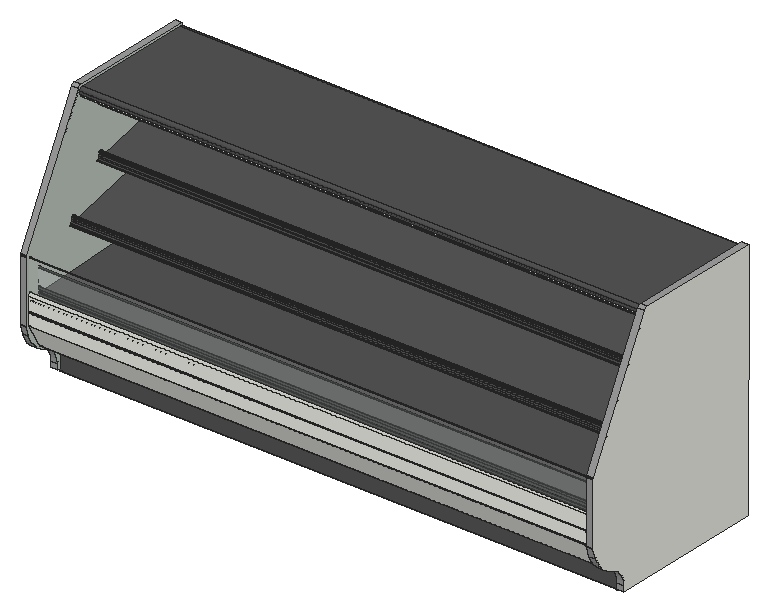
Revit family "CR3FO_2014", category Specialty Equipment, Revit 2014
Parameters (values of type "8'-0" Length")
  Width = 96"
  Waste Drain = 1 1/2"  # constant formula
  URL = "www.hussmann.com"
  Type Comments = "Chino"  # constant formula
  Trim = Stainless Steel
  Total Weight = Case Weight + (2 * End Weight)  # 0.00 lbf
  Splashguard = Textured Sheet Metal (Steel Painted) - 701 Black
  Side Panel - Right [instance] = yes
  Side Panel - Left [instance] = yes
  Shelves = Sheet Metal (Steel Painted) - 701 Black
  Shelf = yes
  Revit Family Date = "04/15/2016"  # constant formula
  Refrigeration Lines Suction = 5/8"  # constant formula
  Refrigeration Lines Liquid = 3/8"  # constant formula
  Refrig. Suction = "Suction"
  Refrig. Liquid = "Liquid"
  Number of Supports = if(Width < 50", 2, if(Width < 100", 3, 4))  # 3
  Number of Shelves = 2  # constant formula
  Note from Manufacturer = "This model only comes in 3'-0\", 4'-0\", 5'-0\", 6'-0\" and 8'-0\" lengths."
  Model URL = "http://www.hussmann.com/en/product%20viewer/display-cases/CR3FO"
  Model = "CR3FO"  # constant formula
  Manufacturer Disclaimer = "The information in this file is not intended to be an exact representation of the corresponding Hussmann product.  Further, we reserve the right to change or revise specifications and product design in connection with any feature of our products. Such changes do not entitle the buyer to corresponding changes, improvements, additions, or replacements for equipment previously sold or shipped."  # constant formula
  Manufacturer = "Hussmann Corporation"  # constant formula
  Height = 42"  # constant formula
  Glazing = Glass
  Ends = Textured Sheet Metal (Steel Painted) - 149 White Satin Matte
  End Weight = 0.00 lbf  # constant formula
  Door Frame = Plastic - 144 Mist Gray
  Description = "Versatile Service Top and Self-Service Front Deli"  # constant formula
  Depth = 33"  # constant formula
  Cutsheet URL = "http://www.hussmann.com/en/Technical%20Documents/CR3FO_ds_En.pdf"
  Close Off Panel = none
  Case Weight = if(Width = 36", 0.00 lbf, if(Width = 48", 0.00 lbf, if(Width = 60", 0.00 lbf, if(Width = 72", 0.00 lbf, if(Width = 96", 0.00 lbf, 0.00 lbf)))))  # 0.00 lbf
  Case Interior - Side Panel = Mirror
  Case Interior - Back Panel = Sheet Metal (Steel Painted) - 700 Interior White
  Case = Textured Sheet Metal (Steel Painted) - 149 White Satin Matte
  Bumper = Extruded PVC - 747 Chocolate Brown
  Assembly Code = ""
  Accessories/Options = ""
Types (6): name | Width | Number of Supports
  (no name) | 96" | 3
  3'-0" Length | 36" | 2
  4'-0" Length | 48" | 2
  5'-0" Length | 60" | 3
  6'-0" Length | 72" | 3
  8'-0" Length | 96" | 3
Reference planes (in)
  plane 1 "Back": y = 0
  plane 2 "Bottom": z = 0
  plane 3 "Top": z = 42
  plane 4 "Left": x = -77.30699
  plane 5 "Front": y = -33
  plane 6 "Center (Left/Right)": x = -29.30699
  plane 7: x = -78.43199
  plane 8 "Right": x = 18.69301
  plane 9: x = 19.81801
Forms (in)
  Extrusion 1, solid, material "Metal - Copper"
    sketch origin (63.0625, 1.04319, 0) x (1, 0, 0) y (0, 1, 0)
      loop
        arc (-50.24449, -22.45119) -> (-50.77482, -22.67086) -> (-50.99449, -23.20119) r 0.75
        arc (-50.99449, -23.20119) -> (-50.77482, -23.73152) -> (-50.24449, -23.95119) r 0.75
        arc (-50.24449, -23.95119) -> (-49.71416, -23.73152) -> (-49.49449, -23.20119) r 0.75
        arc (-49.49449, -23.20119) -> (-49.71416, -22.67086) -> (-50.24449, -22.45119) r 0.75
      loop
        circle (-50.24449, -23.20119) r 0.7102
    from 6 to 0
  Extrusion 2, solid, material "Metal - Copper"
    sketch origin (57.40105, 5, -0.375) x (1, 0, 0) y (0, 1, 0)
      loop
        circle (-51.02054, -23) r 0.28859
      loop
        circle (-51.02054, -23) r 0.3125
    from 6.375 to 0.375
  Extrusion 3, solid, material "Metal - Copper"
    sketch origin (59.82608, 5, -0.375) x (1, 0, 0) y (0, 1, 0)
      loop
        circle (-52.94557, -23) r 0.17188
      loop
        circle (-52.94557, -23) r 0.1875
    from 6.375 to 0.375
  Extrusion 4, solid, material "Sheet Metal (Steel Painted) - 701 Black" <- "Shelves"
    sketch origin (-29.30699, 0, 0) x (0, 1, 0) y (0, 0, 1)
      loop
        arc (-21.564, 41.9961) -> (-21.91755, 41.84965) -> (-22.064, 41.4961) r 0.5
        line (-22.064, 41.4961) -> (-22.064, 40.9966) -> (0, 40.9966) -> (0, 41.4961)
        arc (0, 41.4961) -> (-0.14645, 41.84965) -> (-0.5, 41.9961) r 0.5
        line (-0.5, 41.9961) -> (-21.564, 41.9961)
    from 48 to -48
  Extrusion 5, solid, material "Textured Sheet Metal (Steel Painted) - 149 White Satin Matte" <- "Case"
    sketch origin (-29.30699, 0, 0) x (0, 1, 0) y (0, 0, 1)
      loop
        line (-21.80486, 40.5656) -> (-19.82992, 40.5656) -> (-19.82992, 39.80025)
        arc (-19.82992, 39.80025) -> (-19.79149, 39.74092) -> (-19.72162, 39.75172) r 0.06502
        line (-19.72162, 39.75172) -> (-20.00854, 39.37578)
        arc (-20.00854, 39.37578) -> (-20.02129, 39.32769) -> (-19.9963, 39.28467) r 0.065
        line (-19.9963, 39.28467) -> (-19.81532, 39.14655) -> (-19.79131, 39.17801) -> (-17.94839, 37.77155) -> (-17.99086, 37.7159) -> (-17.78175, 37.55631)
        arc (-17.78175, 37.55631) -> (-17.73366, 37.54356) -> (-17.69064, 37.56855) r 0.065
        line (-17.69064, 37.56855) -> (-17.12036, 38.3158)
        arc (-17.12036, 38.3158) -> (-17.10761, 38.36388) -> (-17.1326, 38.4069) r 0.065
        line (-17.1326, 38.4069) -> (-17.31922, 38.54933)
        arc (-17.31922, 38.54933) -> (-17.33076, 38.56918) -> (-17.32487, 38.59138) r 0.03
        line (-17.32487, 38.59138) -> (-17.17764, 38.7843) -> (-5.75945, 38.7843) -> (-4.76179, 37.78664) -> (-4.76179, 32.54744) -> (-4.86323, 32.01517)
        arc (-4.86323, 32.01517) -> (-4.82752, 31.97946) -> (-4.79181, 32.01517) r 0.03571
        line (-4.79181, 32.01517) -> (-4.75648, 32.20053) -> (-4.79102, 32.20711) -> (-4.72688, 32.54367) -> (-4.72688, 11.09824) -> (-28.38902, 11.09824)
        arc (-28.38902, 11.09824) -> (-28.44335, 10.95891) -> (-28.56262, 11.04912) r 0.09375
        line (-28.56262, 11.04912) -> (-28.71887, 11.04912) -> (-28.71887, 12.85548) -> (-28.59184, 12.85548) -> (-28.59184, 12.39142) -> (-28.66219, 12.12888) -> (-28.6023, 12.11283) -> (-28.52984, 12.38326) -> (-28.52984, 12.60499) -> (-28.46784, 12.60499) -> (-28.46784, 12.94999)
        arc (-28.46784, 12.94999) -> (-28.49478, 13.01504) -> (-28.55984, 13.04199) r 0.092
        line (-28.55984, 13.04199) -> (-28.87484, 13.04199)
        arc (-28.87484, 13.04199) -> (-28.89605, 13.05077) -> (-28.90484, 13.07199) r 0.03
        line (-28.90484, 13.07199) -> (-28.90484, 13.63839)
        arc (-28.90484, 13.63839) -> (-28.93178, 13.70345) -> (-28.99684, 13.73039) r 0.092
        line (-28.99684, 13.73039) -> (-29.93884, 13.73039)
        arc (-29.93884, 13.73039) -> (-30.00389, 13.70345) -> (-30.03084, 13.63839) r 0.092
        line (-30.03084, 13.63839) -> (-30.03084, 13.07199)
        arc (-30.03084, 13.07199) -> (-30.03962, 13.05077) -> (-30.06084, 13.04199) r 0.03
        line (-30.06084, 13.04199) -> (-30.46784, 13.04199) -> (-30.46784, 12.97999) -> (-31.71034, 12.97999) -> (-32.47215, 13.7418) -> (-32.47215, 14.41421) -> (-32.51191, 14.86869) -> (-32.57368, 14.86329) -> (-32.53415, 14.4088) -> (-32.53415, 13.75422)
        arc (-32.53415, 13.75422) -> (-32.52715, 13.71901) -> (-32.50721, 13.68916) r 0.09201
        line (-32.50721, 13.68916) -> (-31.73602, 12.91798) -> (-32.42925, 12.91798)
        arc (-32.42925, 12.91798) -> (-32.48582, 12.89455) -> (-32.50925, 12.83798) r 0.08
        line (-32.50925, 12.83798) -> (-32.50925, 12.31152)
        arc (-32.50925, 12.31152) -> (-32.51803, 12.2903) -> (-32.53925, 12.28152) r 0.03
        line (-32.53925, 12.28152) -> (-32.84775, 12.28152)
        arc (-32.84775, 12.28152) -> (-32.89159, 12.29968) -> (-32.90976, 12.34353) r 0.06201
        line (-32.90976, 12.34353) -> (-32.90952, 14.78692) -> (-32.86657, 15.27785) -> (-32.92834, 15.28325) -> (-32.97176, 14.78693) -> (-32.97176, 12.34353)
        arc (-32.97176, 12.34353) -> (-32.93544, 12.25583) -> (-32.84775, 12.21951) r 0.12402
        line (-32.84775, 12.21951) -> (-32.88129, 12.21951)
        arc (-32.88129, 12.21951) -> (-32.94635, 12.19256) -> (-32.9733, 12.1275) r 0.09201
        line (-32.9733, 12.1275) -> (-32.9733, 10.13554)
        arc (-32.9733, 10.13554) -> (-32.97017, 10.11173) -> (-32.96098, 10.08954) r 0.09201
        line (-32.96098, 10.08954) -> (-30.59064, 5.984)
        arc (-30.59064, 5.984) -> (-30.55696, 5.95032) -> (-30.51096, 5.93799) r 0.09201
        line (-30.51096, 5.93799) -> (-26.28124, 5.93799) -> (-25.91314, 5.30042) -> (-25.85944, 5.33142) -> (-26.24544, 6) -> (-2.97999, 6) -> (-2.97999, 7.5) -> (-1.451, 7.5) -> (-1.451, 40.5656) -> (-0.2591, 40.5656) -> (-0.2591, 40.9966) -> (-21.80486, 40.9966) -> (-21.80486, 40.5656)
    from 48 to -48
  Extrusion 6, solid, material "Sheet Metal (Steel Painted) - 701 Black" <- "Shelves"
    sketch origin (-29.30699, 0, 0) x (0, 1, 0) y (0, 0, 1)
      loop
        line (-30.69377, 13.80157) -> (-4.78141, 14.86072)
        arc (-4.78141, 14.86072) -> (-4.73557, 14.88194) -> (-4.71816, 14.92936) r 0.066
        line (-4.71816, 14.92936) -> (-4.73319, 15.29705)
        arc (-4.73319, 15.29705) -> (-4.75441, 15.34289) -> (-4.80183, 15.3603) r 0.066
        line (-4.80183, 15.3603) -> (-30.74417, 14.29993) -> (-30.78501, 15.29909)
        arc (-30.78501, 15.29909) -> (-30.85365, 15.36234) -> (-30.9169, 15.2937) r 0.066
        line (-30.9169, 15.2937) -> (-30.90289, 14.95099) -> (-30.86692, 14.95246) -> (-30.88093, 15.29517)
        arc (-30.88093, 15.29517) -> (-30.85218, 15.32637) -> (-30.82098, 15.29762) r 0.03
        line (-30.82098, 15.29762) -> (-30.78136, 14.32843)
        arc (-30.78136, 14.32843) -> (-30.76014, 14.28259) -> (-30.71272, 14.26518) r 0.066
        line (-30.71272, 14.26518) -> (-30.69377, 13.80157)
    from 48 to -48
  Extrusion 7, solid, material "Glass" <- "Glazing"
    sketch origin (-29.30699, 0, 0) x (0, 1, 0) y (0, 0, 1)
      loop
        line (-30.74417, 14.29993) -> (-30.49438, 14.31014) -> (-30.65263, 18.1819)
        arc (-30.65263, 18.1819) -> (-30.78263, 18.30169) -> (-30.90242, 18.17169) r 0.125
        line (-30.90242, 18.17169) -> (-30.74417, 14.29993)
    from 48 to -48
  Extrusion 8, solid, material "Glass" <- "Glazing"
    sketch origin (-29.30699, 0, 0) x (0, 1, 0) y (0, 0, 1)
      loop
        line (-32.53415, 20.46902) -> (-32.59665, 20.53152) -> (-32.84665, 20.53152) -> (-32.90915, 20.46902) -> (-32.90915, 12.34402) -> (-32.84665, 12.28152) -> (-32.59665, 12.28152) -> (-32.53415, 12.34402) -> (-32.53415, 20.46902)
    from 48 to -48
  Extrusion 9, solid, material "Sheet Metal (Steel Painted) - 701 Black" <- "Shelves", visible <- "Shelf"
    sketch origin (-29.30699, 5.84622, 7.34971) x (0, 1, 0) y (0, 0, 1)
      loop
        line (-10.5731, 22.36686) -> (-10.5731, 22.74413) -> (-10.87269, 22.66944) -> (-11.03614, 23.27945) -> (-10.85508, 23.32796) -> (-10.80907, 23.15644) -> (-10.67388, 23.19015) -> (-10.6542, 23.42875) -> (-10.72256, 23.70293) -> (-11.12287, 23.60312) -> (-11.29613, 24.24973) -> (-11.05352, 24.31022) -> (-10.98962, 24.07177) -> (-10.6141, 24.3503) -> (-10.5731, 24.3503) -> (-10.5731, 24.66326) -> (-11.13824, 24.67238) -> (-11.43899, 24.60294) -> (-11.46239, 24.70428) -> (-23.15483, 22.00487)
        arc (-23.15483, 22.00487) -> (-23.17747, 22.00866) -> (-23.19081, 22.02735) r 0.03
        line (-23.19081, 22.02735) -> (-23.40901, 22.97249)
        arc (-23.40901, 22.97249) -> (-23.49679, 23.05221) -> (-23.60219, 22.99788) r 0.104
        arc (-23.60219, 22.99788) -> (-23.69708, 22.99286) -> (-23.75858, 22.92042) r 0.12
        arc (-23.75858, 22.92042) -> (-23.76689, 22.90007) -> (-23.76833, 22.87814) r 0.06854
        arc (-23.76833, 22.87814) -> (-23.75163, 22.8603) -> (-23.73014, 22.87192) r 0.02
        arc (-23.73014, 22.87192) -> (-23.70392, 22.91674) -> (-23.66846, 22.95468) r 0.234
        arc (-23.66846, 22.95468) -> (-23.68421, 22.86093) -> (-23.70573, 22.76832) r 1.53724
        arc (-23.70573, 22.76832) -> (-23.7519, 22.65108) -> (-23.80752, 22.53802) r 1.53724
        arc (-23.80752, 22.53802) -> (-23.82464, 22.41318) -> (-23.85192, 22.29017) r 1.53724
        arc (-23.85192, 22.29017) -> (-23.89809, 22.17293) -> (-23.9537, 22.05987) r 1.53724
        arc (-23.9537, 22.05987) -> (-23.97082, 21.93503) -> (-23.99811, 21.81202) r 1.53724
        arc (-23.99811, 21.81202) -> (-24.03205, 21.72321) -> (-24.07141, 21.63668) r 1.53724
        arc (-24.07141, 21.63668) -> (-24.0796, 21.68796) -> (-24.07627, 21.73978) r 0.234
        arc (-24.07627, 21.73978) -> (-24.08759, 21.76143) -> (-24.11141, 21.75598) r 0.02
        arc (-24.11141, 21.75598) -> (-24.12247, 21.73699) -> (-24.12696, 21.71547) r 0.06854
        arc (-24.12696, 21.71547) -> (-24.11658, 21.62118) -> (-24.04098, 21.56389) r 0.12
        arc (-24.04098, 21.56389) -> (-23.98814, 21.56537) -> (-23.94022, 21.58768) r 0.13057
        arc (-23.94022, 21.58768) -> (-23.9372, 21.60473) -> (-23.9488, 21.61759) r 0.01973
        line (-23.9488, 21.61759) -> (-23.53903, 22.95786)
        arc (-23.53903, 22.95786) -> (-23.5093, 22.97907) -> (-23.48111, 22.95584) r 0.03
        line (-23.48111, 22.95584) -> (-23.26291, 22.0107)
        arc (-23.26291, 22.0107) -> (-23.21669, 21.9459) -> (-23.13818, 21.93276) r 0.104
        line (-23.13818, 21.93276) -> (-23.0752, 21.65994) -> (-20.57713, 21.56171) -> (-13.20938, 23.26269) -> (-11.15032, 21.97605) -> (-10.66314, 22.08852) -> (-10.6241, 22.22465) -> (-10.6545, 22.34657) -> (-10.5731, 22.36686)
    from 48 to -48
  Extrusion 10, solid, material "Sheet Metal (Steel Painted) - 701 Black" <- "Shelves", visible <- "Shelf"
    sketch origin (-29.30699, 0, 0) x (0, 1, 0) y (0, 0, 1)
      loop
        line (-4.72688, 23.71657) -> (-4.72688, 24.09384) -> (-5.02647, 24.01914) -> (-5.18992, 24.62915) -> (-5.00886, 24.67767) -> (-4.96285, 24.50615) -> (-4.82766, 24.53985) -> (-4.80798, 24.77845) -> (-4.87634, 25.05263) -> (-5.27665, 24.95282) -> (-5.44991, 25.59944) -> (-5.2073, 25.65993) -> (-5.1434, 25.42147) -> (-4.76788, 25.70001) -> (-4.72688, 25.70001) -> (-4.72688, 26.01297) -> (-5.29202, 26.02209) -> (-5.59277, 25.95265) -> (-5.61617, 26.05399) -> (-23.15483, 22.00487)
        arc (-23.15483, 22.00487) -> (-23.17747, 22.00866) -> (-23.19081, 22.02735) r 0.03
        line (-23.19081, 22.02735) -> (-23.40901, 22.97249)
        arc (-23.40901, 22.97249) -> (-23.49679, 23.05221) -> (-23.60219, 22.99788) r 0.104
        arc (-23.60219, 22.99788) -> (-23.69708, 22.99286) -> (-23.75858, 22.92042) r 0.12
        arc (-23.75858, 22.92042) -> (-23.76689, 22.90007) -> (-23.76833, 22.87814) r 0.06854
        arc (-23.76833, 22.87814) -> (-23.75163, 22.8603) -> (-23.73014, 22.87192) r 0.02
        arc (-23.73014, 22.87192) -> (-23.70392, 22.91674) -> (-23.66846, 22.95468) r 0.234
        arc (-23.66846, 22.95468) -> (-23.68421, 22.86093) -> (-23.70573, 22.76832) r 1.53724
        arc (-23.70573, 22.76832) -> (-23.7519, 22.65108) -> (-23.80752, 22.53802) r 1.53724
        arc (-23.80752, 22.53802) -> (-23.82464, 22.41318) -> (-23.85192, 22.29017) r 1.53724
        arc (-23.85192, 22.29017) -> (-23.89809, 22.17293) -> (-23.9537, 22.05987) r 1.53724
        arc (-23.9537, 22.05987) -> (-23.97082, 21.93503) -> (-23.99811, 21.81202) r 1.53724
        arc (-23.99811, 21.81202) -> (-24.03205, 21.72321) -> (-24.07141, 21.63668) r 1.53724
        arc (-24.07141, 21.63668) -> (-24.0796, 21.68796) -> (-24.07627, 21.73978) r 0.234
        arc (-24.07627, 21.73978) -> (-24.08759, 21.76143) -> (-24.11141, 21.75598) r 0.02
        arc (-24.11141, 21.75598) -> (-24.12247, 21.73699) -> (-24.12696, 21.71547) r 0.06854
        arc (-24.12696, 21.71547) -> (-24.11658, 21.62118) -> (-24.04098, 21.56389) r 0.12
        arc (-24.04098, 21.56389) -> (-23.98814, 21.56537) -> (-23.94022, 21.58768) r 0.13057
        arc (-23.94022, 21.58768) -> (-23.9372, 21.60473) -> (-23.9488, 21.61759) r 0.01973
        line (-23.9488, 21.61759) -> (-23.53903, 22.95786)
        arc (-23.53903, 22.95786) -> (-23.5093, 22.97907) -> (-23.48111, 22.95584) r 0.03
        line (-23.48111, 22.95584) -> (-23.26291, 22.0107)
        arc (-23.26291, 22.0107) -> (-23.21669, 21.9459) -> (-23.13818, 21.93276) r 0.104
        line (-23.13818, 21.93276) -> (-23.0752, 21.65994) -> (-20.57713, 21.56171) -> (-7.36316, 24.6124) -> (-5.3041, 23.32575) -> (-4.81692, 23.43823) -> (-4.77788, 23.57436) -> (-4.80828, 23.69627) -> (-4.72688, 23.71657)
    from 48 to -48
  Extrusion 11, solid, material "Textured Sheet Metal (Steel Painted) - 701 Black" <- "Splashguard"
    sketch origin (-29.30699, 0, 0) x (0, 1, 0) y (0, 0, 1)
      loop
        arc (-26.29611, 0.32736) -> (-26.27819, 0.2841) -> (-26.23493, 0.26618) r 0.06118
        line (-26.23493, 0.26618) -> (-25.79611, 0.26618) -> (-25.79611, 0.29736) -> (-25.88993, 0.29736) -> (-25.88993, 5.26021) -> (-26.18194, 5.766)
        arc (-26.18194, 5.766) -> (-26.25076, 5.79451) -> (-26.29611, 5.73541) r 0.06118
        line (-26.29611, 5.73541) -> (-26.29611, 0.32736)
    from 48 to -48
  Extrusion 12, solid, material "Textured Sheet Metal (Steel Painted) - 149 White Satin Matte" <- "Ends", visible <- "Side Panel - Right"
    sketch origin (18.69301, 0, 0) x (0, 0, 1) y (0, -1, 0)
      loop
        line (9.99471, 33.2484) -> (8.32118, 32.73675)
        arc (8.32118, 32.73675) -> (6.63964, 31.82375) -> (5.44851, 30.32629) r 4.7987
        line (5.44851, 30.32629) -> (4.79395, 28.85612)
        arc (4.79395, 28.85612) -> (3.50511, 27.32068) -> (1.59824, 26.70219) r 3.63424
        line (1.59824, 26.70219) -> (0.64192, 26.70219) -> (0.64192, 0.0091) -> (42.2461, 0.0091) -> (42.2461, 21.564)
        arc (42.2461, 21.564) -> (42.13781, 21.9522) -> (41.84423, 22.22831) r 0.75
        line (41.84423, 22.22831) -> (20.95635, 33.1746)
        arc (20.95635, 33.1746) -> (20.88563, 33.20497) -> (20.81109, 33.22413) r 0.5
        line (20.81109, 33.22413) -> (20.70312, 33.24317)
        arc (20.70312, 33.24317) -> (20.68075, 33.24659) -> (20.65826, 33.249) r 0.5
        arc (20.65826, 33.249) -> (15.36298, 33.4743) -> (10.06725, 33.25977) r 63.86657
        arc (10.06725, 33.25977) -> (10.03077, 33.25542) -> (9.99471, 33.2484) r 0.5
    from 0 to 1.125
  Extrusion 13, solid, material "Textured Sheet Metal (Steel Painted) - 149 White Satin Matte" <- "Ends", visible <- "Side Panel - Left"
    sketch origin (18.69301, 0, 0) x (0, 0, 1) y (0, -1, 0)
      loop
        line (9.99471, 33.2484) -> (8.32118, 32.73675)
        arc (8.32118, 32.73675) -> (6.63964, 31.82375) -> (5.44851, 30.32629) r 4.7987
        line (5.44851, 30.32629) -> (4.79395, 28.85612)
        arc (4.79395, 28.85612) -> (3.50511, 27.32068) -> (1.59824, 26.70219) r 3.63424
        line (1.59824, 26.70219) -> (0.64192, 26.70219) -> (0.64192, 0.0091) -> (42.2461, 0.0091) -> (42.2461, 21.564)
        arc (42.2461, 21.564) -> (42.13781, 21.9522) -> (41.84423, 22.22831) r 0.75
        line (41.84423, 22.22831) -> (20.95635, 33.1746)
        arc (20.95635, 33.1746) -> (20.88563, 33.20497) -> (20.81109, 33.22413) r 0.5
        line (20.81109, 33.22413) -> (20.70312, 33.24317)
        arc (20.70312, 33.24317) -> (20.68075, 33.24659) -> (20.65826, 33.249) r 0.5
        arc (20.65826, 33.249) -> (15.36298, 33.4743) -> (10.06725, 33.25977) r 63.86657
        arc (10.06725, 33.25977) -> (10.03077, 33.25542) -> (9.99471, 33.2484) r 0.5
    from -97.125 to -96
Lines and regions (in)
  reference lines
    curve 1: line (-74.80699, -33, 0) -> (-74.80699, 0, 0)
    curve 2: line (12.81801, -33, 0) -> (12.81801, 0, 0)
    curve 3: line (16.19301, -33, 0) -> (16.19301, 0, 0)
    curve 4: line (6.69301, -33, 0) -> (6.69301, 0, 0)
    curve 5: line (-77.30699, -22.158, 0) -> (18.69301, -22.158, 0)
    curve 6: line (18.69301, -18, 0) -> (-77.30699, -18, 0)
Dimensions and locks (in)
  equal spacing: plane 4 "Left", plane 6 "Center (Left/Right)", plane 8 "Right"
  locked: plane 7 to plane 4 "Left" at 1.125
  "Width": plane 4 "Left" to plane 8 "Right"
  locked: plane 4 "Left" to curve 1 at 2.5
  locked: curve 3 to plane 8 "Right" at 2.5
  locked: curve 2 to plane 8 "Right" at 5.875
  "Depth": plane 5 "Front" to plane 1 "Back"
  locked: curve 4 to plane 8 "Right" at 12
  "Height": plane 3 "Top" to level
  locked: plane 1 "Back" to curve 5 at 22.158
  plane 1 "Back" to curve 6 = 18"
  locked: plane 8 "Right" to plane 9 at 1.125
  locked: Extrusion 1 sketch curve to Extrusion 1 sketch curve at 0.0398
  locked: Extrusion 3 sketch curve to Extrusion 3 sketch curve at 0.01562
  locked: Extrusion 2 sketch curve to Extrusion 2 sketch curve at 0.02391
  locked: nested 3 to plane 1 "Back" at 6.47307
  equal spacing: group 1, group 3, group 2  (x3)
  "Waste Drain": diameter of Extrusion 1 sketch curve
  "Refrigeration Lines Liquid": diameter of Extrusion 3 sketch curve
  "Refrigeration Lines Suction": diameter of Extrusion 2 sketch curve
  aligned and locked: plane 5 "Front" to curve 2
  aligned and locked: plane 5 "Front" to curve 3
  aligned and locked: plane 5 "Front" to curve 1
  aligned and locked: plane 4 "Left" to curve 5
  aligned and locked: plane 4 "Left" to curve 6
  aligned and locked: plane 8 "Right" to curve 6
  aligned and locked: plane 8 "Right" to curve 5
  aligned and locked: Extrusion 2 to level
  aligned and locked: Extrusion 3 to level
  aligned and locked: curve 6 to Extrusion 3 sketch curve  (x4)
  aligned and locked: curve 6 to Extrusion 2 sketch curve  (x4)
  aligned and locked: curve 5 to Extrusion 1 sketch curve  (x3)
  aligned and locked: curve 2 to Extrusion 1 sketch curve
  aligned and locked: curve 4 to Extrusion 3 sketch curve
  aligned and locked: curve 4 to Extrusion 2 sketch curve
  aligned and locked: Extrusion 1 to level
  aligned and locked: Extrusion 1 to Extrusion 2
  aligned and locked: Extrusion 4 to plane 4 "Left"
  aligned and locked: plane 8 "Right" to Extrusion 4
  aligned and locked: Extrusion 7 to plane 4 "Left"
  aligned and locked: plane 8 "Right" to Extrusion 7
  aligned and locked: Extrusion 6 to plane 4 "Left"
  aligned and locked: plane 8 "Right" to Extrusion 6
  aligned and locked: Extrusion 5 to plane 4 "Left"
  aligned and locked: plane 8 "Right" to Extrusion 5
  aligned and locked: Extrusion 8 to plane 4 "Left"
  aligned and locked: plane 8 "Right" to Extrusion 8
  aligned and locked: Extrusion 1 to Extrusion 5
  aligned and locked: Extrusion 3 to Extrusion 5
  aligned and locked: Extrusion 9 to plane 4 "Left"
  aligned and locked: plane 8 "Right" to Extrusion 9
  aligned and locked: Extrusion 10 to plane 4 "Left"
  aligned and locked: plane 8 "Right" to Extrusion 10
  aligned and locked: Extrusion 11 to plane 4 "Left"
  aligned and locked: plane 8 "Right" to Extrusion 11
  aligned and locked: plane 4 "Left" to nested 1
  aligned and locked: plane 4 "Left" to nested 2
  aligned and locked: curve 1 to nested 3
  aligned and locked: curve 3 to nested 4
  aligned and locked: nested 4 to nested 3
  aligned and locked: Extrusion 12 to plane 8 "Right"
  aligned and locked: plane 9 to Extrusion 12
  aligned and locked: plane 7 to Extrusion 13
  aligned and locked: plane 4 "Left" to Extrusion 13
Automatic sketch dimensions
  curve 4 to plane 5 "Front" = 0"
  plane 1 "Back" to curve 2 = 0"
  plane 1 "Back" to curve 1 = 0"
  plane 1 "Back" to curve 3 = 0"
  plane 1 "Back" to curve 4 = 0"
  Extrusion 4 sketch curve to plane 1 "Back" = 0"
  Extrusion 4 sketch curve to Extrusion 4 sketch curve = 1/2"  (x2)
  plane 3 "Top" to Extrusion 4 sketch curve = 1/256"
  plane 5 "Front" to Extrusion 4 sketch curve = 11.436"
  Extrusion 4 sketch curve to Extrusion 4 sketch curve = 0.4995"
  Extrusion 5 sketch curve to Extrusion 5 sketch curve = 0"  (x4)
  plane 5 "Front" to Extrusion 5 sketch curve = 0.0267"
  plane 5 "Front" to Extrusion 5 sketch curve = 0.02824"
  plane 5 "Front" to Extrusion 5 sketch curve = 0.03902"
  plane 5 "Front" to Extrusion 5 sketch curve = 0.07166"
  Extrusion 5 sketch curve to Extrusion 5 sketch curve = 0.06201"  (x5)
  Extrusion 5 sketch curve to Extrusion 5 sketch curve = 0.06224"
  Extrusion 5 sketch curve to Extrusion 5 sketch curve = 0.09201"  (x2)
  Extrusion 5 sketch curve to Extrusion 5 sketch curve = 0.06177"  (x2)
  Extrusion 5 sketch curve to Extrusion 5 sketch curve = 0.33584"
  Extrusion 5 sketch curve to Extrusion 5 sketch curve = 0.3085"
  Extrusion 5 sketch curve to Extrusion 5 sketch curve = 0.03953"
  Extrusion 5 sketch curve to Extrusion 5 sketch curve = 0.03"  (x4)
  Extrusion 5 sketch curve to Extrusion 5 sketch curve = 0.02695"
  Extrusion 5 sketch curve to Extrusion 5 sketch curve = 0.08"
  Extrusion 5 sketch curve to Extrusion 5 sketch curve = 0.69323"
  Extrusion 5 sketch curve to Extrusion 5 sketch curve = 0.02568"
  plane 5 "Front" to Extrusion 5 sketch curve = 2.40936"
  Extrusion 5 sketch curve to Extrusion 5 sketch curve = 0.07968"
  Extrusion 5 sketch curve to Extrusion 5 sketch curve = 1.2425"
  Extrusion 5 sketch curve to Extrusion 5 sketch curve = 0.407"
  Extrusion 5 sketch curve to Extrusion 5 sketch curve = 0.092"  (x3)
  Extrusion 5 sketch curve to Extrusion 5 sketch curve = 0.942"
  Extrusion 5 sketch curve to Extrusion 5 sketch curve = 0.15596"
  Extrusion 5 sketch curve to Extrusion 5 sketch curve = 0.05668"
  Extrusion 5 sketch curve to Extrusion 5 sketch curve = 0.0599"
  Extrusion 5 sketch curve to Extrusion 5 sketch curve = 0.07035"
  Extrusion 5 sketch curve to Extrusion 5 sketch curve = 5/32"
  Extrusion 5 sketch curve to Extrusion 5 sketch curve = 0.03201"
  Extrusion 5 sketch curve to Extrusion 5 sketch curve = 3/32"
  Extrusion 5 sketch curve to Extrusion 5 sketch curve = 0.07985"
  Extrusion 5 sketch curve to Extrusion 5 sketch curve = 4.22972"
  Extrusion 5 sketch curve to Extrusion 5 sketch curve = 0.0358"
  Extrusion 5 sketch curve to Extrusion 5 sketch curve = 0.3681"
  Extrusion 5 sketch curve to Extrusion 5 sketch curve = 0.0537"
  plane 3 "Top" to Extrusion 5 sketch curve = 1.0034"
  plane 5 "Front" to Extrusion 5 sketch curve = 11.19514"
  plane 3 "Top" to Extrusion 5 sketch curve = 2.62422"
  Extrusion 5 sketch curve to Extrusion 5 sketch curve = 1.79632"
  plane 3 "Top" to Extrusion 5 sketch curve = 2.71533"
  Extrusion 5 sketch curve to Extrusion 5 sketch curve = 0.01224"
  Extrusion 5 sketch curve to Extrusion 5 sketch curve = 0.03943"  (x3)
  Extrusion 5 sketch curve to Extrusion 5 sketch curve = 0.17862"
  plane 3 "Top" to Extrusion 5 sketch curve = 2.85345"
  Extrusion 5 sketch curve to Extrusion 5 sketch curve = 0.18098"
  plane 3 "Top" to Extrusion 5 sketch curve = 2.82199"
  Extrusion 5 sketch curve to Extrusion 5 sketch curve = 0.06502"
  plane 3 "Top" to Extrusion 5 sketch curve = 2.24828"
  Extrusion 5 sketch curve to Extrusion 5 sketch curve = 0.04327"
  plane 3 "Top" to Extrusion 5 sketch curve = 4.2841"
  Extrusion 5 sketch curve to Extrusion 5 sketch curve = 1.82446"
  plane 3 "Top" to Extrusion 5 sketch curve = 4.22845"
  plane 3 "Top" to Extrusion 5 sketch curve = 4.44369"
  plane 3 "Top" to Extrusion 5 sketch curve = 4.43145"
  Extrusion 5 sketch curve to Extrusion 5 sketch curve = 0.05167"  (x2)
  plane 3 "Top" to Extrusion 5 sketch curve = 3.40862"
  Extrusion 5 sketch curve to Extrusion 5 sketch curve = 0.62352"
  plane 3 "Top" to Extrusion 5 sketch curve = 3.45067"
  Extrusion 5 sketch curve to Extrusion 5 sketch curve = 0.00565"
  Extrusion 5 sketch curve to Extrusion 5 sketch curve = 0.02385"
  plane 3 "Top" to Extrusion 5 sketch curve = 3.2157"
  Extrusion 5 sketch curve to Extrusion 5 sketch curve = 0.14723"
  Extrusion 5 sketch curve to Extrusion 5 sketch curve = 0.14719"
  plane 3 "Top" to Extrusion 5 sketch curve = 3.5931"
  plane 3 "Top" to Extrusion 5 sketch curve = 3.6842"
  plane 1 "Back" to Extrusion 5 sketch curve = 5.75945"
  plane 1 "Back" to Extrusion 5 sketch curve = 4.86323"
  Extrusion 5 sketch curve to Extrusion 5 sketch curve = 0.03571"
  Extrusion 5 sketch curve to Extrusion 5 sketch curve = 0.00079"
  Extrusion 5 sketch curve to Extrusion 5 sketch curve = 0.02923"
  Extrusion 5 sketch curve to Extrusion 5 sketch curve = 0.03454"
  plane 1 "Back" to Extrusion 5 sketch curve = 4.72688"
  plane 1 "Back" to Extrusion 5 sketch curve = 2.97999"
  plane 1 "Back" to Extrusion 5 sketch curve = 1.451"
  plane 1 "Back" to Extrusion 5 sketch curve = 0.2591"
  Extrusion 5 sketch curve to Extrusion 5 sketch curve = 6.23686"
  Extrusion 5 sketch curve to Extrusion 5 sketch curve = 0.00377"
  Extrusion 5 sketch curve to Extrusion 5 sketch curve = 0.34033"
  level to Extrusion 5 sketch curve = 15.28325"
  Extrusion 5 sketch curve to Extrusion 5 sketch curve = 0.0054"  (x2)
  Extrusion 5 sketch curve to Extrusion 5 sketch curve = 0.08177"
  Extrusion 5 sketch curve to Extrusion 5 sketch curve = 0.00541"
  Extrusion 5 sketch curve to Extrusion 5 sketch curve = 0.65999"
  Extrusion 5 sketch curve to Extrusion 5 sketch curve = 0.01243"
  Extrusion 5 sketch curve to Extrusion 5 sketch curve = 0.02383"
  Extrusion 5 sketch curve to Extrusion 5 sketch curve = 145/256"  (x2)
  Extrusion 5 sketch curve to Extrusion 5 sketch curve = 0.77424"
  Extrusion 5 sketch curve to Extrusion 5 sketch curve = 0.09451"
  Extrusion 5 sketch curve to Extrusion 5 sketch curve = 0.25049"
  Extrusion 5 sketch curve to Extrusion 5 sketch curve = 0.21356"
  Extrusion 5 sketch curve to Extrusion 5 sketch curve = 0.00816"
  Extrusion 5 sketch curve to Extrusion 5 sketch curve = 0.49445"
  level to Extrusion 5 sketch curve = 11.09824"
  Extrusion 5 sketch curve to Extrusion 5 sketch curve = 1.99196"
  Extrusion 5 sketch curve to Extrusion 5 sketch curve = 3.59824"
  Extrusion 5 sketch curve to Extrusion 5 sketch curve = 4.10554"
  Extrusion 5 sketch curve to Extrusion 5 sketch curve = 1 1/2"
  Extrusion 5 sketch curve to Extrusion 5 sketch curve = 0.60657"
  Extrusion 5 sketch curve to Extrusion 5 sketch curve = 0.99766"
  Extrusion 5 sketch curve to Extrusion 5 sketch curve = 0.431"  (x2)
  Extrusion 6 sketch curve to Extrusion 6 sketch curve = 0"  (x2)
  plane 5 "Front" to Extrusion 6 sketch curve = 2.0831"
  Extrusion 6 sketch curve to Extrusion 6 sketch curve = 0.01401"
  Extrusion 6 sketch curve to Extrusion 6 sketch curve = 0.03597"  (x3)
  Extrusion 6 sketch curve to Extrusion 6 sketch curve = 0.02997"  (x2)
  Extrusion 6 sketch curve to Extrusion 6 sketch curve = 0.08556"
  Extrusion 6 sketch curve to Extrusion 6 sketch curve = 0.0372"
  Extrusion 6 sketch curve to Extrusion 6 sketch curve = 0.02875"
  Extrusion 6 sketch curve to Extrusion 6 sketch curve = 0.03145"
  Extrusion 6 sketch curve to Extrusion 6 sketch curve = 0.01895"
  plane 1 "Back" to Extrusion 6 sketch curve = 4.80183"
  Extrusion 6 sketch curve to Extrusion 6 sketch curve = 0.0027"  (x2)
  Extrusion 6 sketch curve to Extrusion 6 sketch curve = 0.01503"
  Extrusion 6 sketch curve to Extrusion 6 sketch curve = 0.06594"  (x3)
  level to Extrusion 6 sketch curve = 13.80157"
  Extrusion 6 sketch curve to Extrusion 6 sketch curve = 0.46361"
  Extrusion 6 sketch curve to Extrusion 6 sketch curve = 0.03474"
  Extrusion 6 sketch curve to Extrusion 6 sketch curve = 0.0285"
  Extrusion 6 sketch curve to Extrusion 6 sketch curve = 0.62256"
  Extrusion 6 sketch curve to Extrusion 6 sketch curve = 0.00147"
  Extrusion 6 sketch curve to Extrusion 6 sketch curve = 0.36769"
  Extrusion 6 sketch curve to Extrusion 6 sketch curve = 0.00123"
  plane 5 "Front" to Extrusion 7 sketch curve = 2.09758"
  Extrusion 7 sketch curve to Extrusion 7 sketch curve = 0.1249"  (x2)
  plane 5 "Front" to Extrusion 7 sketch curve = 2.25583"
  Extrusion 7 sketch curve to Extrusion 7 sketch curve = 0.24979"
  level to Extrusion 7 sketch curve = 14.29993"
  Extrusion 7 sketch curve to Extrusion 7 sketch curve = 0.01021"
  plane 5 "Front" to Extrusion 8 sketch curve = 0.09085"
  Extrusion 8 sketch curve to Extrusion 8 sketch curve = 1/16"  (x6)
  Extrusion 8 sketch curve to Extrusion 8 sketch curve = 1/4"  (x2)
  level to Extrusion 8 sketch curve = 12.28152"
  Extrusion 8 sketch curve to Extrusion 8 sketch curve = 8 1/8"
  Extrusion 8 sketch curve to Extrusion 8 sketch curve = 0"
  Extrusion 9 sketch curve to Extrusion 9 sketch curve = 0"  (x8)
  plane 5 "Front" to Extrusion 9 sketch curve = 13.36225"
  Extrusion 9 sketch curve to Extrusion 9 sketch curve = 0.03365"  (x3)
  Extrusion 9 sketch curve to Extrusion 9 sketch curve = 0.11254"  (x2)
  Extrusion 9 sketch curve to Extrusion 9 sketch curve = 1.388"
  Extrusion 9 sketch curve to Extrusion 9 sketch curve = 0.03748"
  Extrusion 9 sketch curve to Extrusion 9 sketch curve = 0.04035"
  Extrusion 9 sketch curve to Extrusion 9 sketch curve = 0.00593"
  Extrusion 9 sketch curve to Extrusion 9 sketch curve = 0.05604"
  Extrusion 9 sketch curve to Extrusion 9 sketch curve = 0.00737"
  Extrusion 9 sketch curve to Extrusion 9 sketch curve = 0.10294"
  Extrusion 9 sketch curve to Extrusion 9 sketch curve = 0.09744"
  Extrusion 9 sketch curve to Extrusion 9 sketch curve = 0.04832"
  Extrusion 9 sketch curve to Extrusion 9 sketch curve = 0.05628"
  Extrusion 9 sketch curve to Extrusion 9 sketch curve = 0.10478"
  Extrusion 9 sketch curve to Extrusion 9 sketch curve = 0.12752"
  Extrusion 9 sketch curve to Extrusion 9 sketch curve = 0.02869"
  plane 3 "Top" to Extrusion 9 sketch curve = 11.69445"
  Extrusion 9 sketch curve to Extrusion 9 sketch curve = 0.02923"  (x2)
  Extrusion 9 sketch curve to Extrusion 9 sketch curve = 0.0721"  (x2)
  Extrusion 9 sketch curve to Extrusion 9 sketch curve = 0.58295"
  Extrusion 9 sketch curve to Extrusion 9 sketch curve = 0.00675"  (x3)
  Extrusion 9 sketch curve to Extrusion 9 sketch curve = 0.07963"
  Extrusion 9 sketch curve to Extrusion 9 sketch curve = 2.49807"
  plane 1 "Back" to Extrusion 9 sketch curve = 7.36316"
  Extrusion 9 sketch curve to Extrusion 9 sketch curve = 1.74699"
  Extrusion 9 sketch curve to Extrusion 9 sketch curve = 0.02339"
  Extrusion 9 sketch curve to Extrusion 9 sketch curve = 0.14286"
  Extrusion 9 sketch curve to Extrusion 9 sketch curve = 0.14581"
  Extrusion 9 sketch curve to Extrusion 9 sketch curve = 0.30076"
  Extrusion 9 sketch curve to Extrusion 9 sketch curve = 0.17326"
  Extrusion 9 sketch curve to Extrusion 9 sketch curve = 0.24261"
  Extrusion 9 sketch curve to Extrusion 9 sketch curve = 0.08673"
  Extrusion 9 sketch curve to Extrusion 9 sketch curve = 0.06389"
  Extrusion 9 sketch curve to Extrusion 9 sketch curve = 0.16345"
  Extrusion 9 sketch curve to Extrusion 9 sketch curve = 0.18106"
  Extrusion 9 sketch curve to Extrusion 9 sketch curve = 0.04601"
  Extrusion 9 sketch curve to Extrusion 9 sketch curve = 0.13252"
  Extrusion 9 sketch curve to Extrusion 9 sketch curve = 0.13519"
  Extrusion 9 sketch curve to Extrusion 9 sketch curve = 0.48719"
  Extrusion 9 sketch curve to Extrusion 9 sketch curve = 0.00864"
  Extrusion 9 sketch curve to Extrusion 9 sketch curve = 0.20088"
  Extrusion 9 sketch curve to Extrusion 9 sketch curve = 0.0304"
  Extrusion 9 sketch curve to Extrusion 9 sketch curve = 0.43942"
  Extrusion 9 sketch curve to Extrusion 9 sketch curve = 0.041"
  Extrusion 9 sketch curve to Extrusion 9 sketch curve = 0.0814"
  Extrusion 9 sketch curve to Extrusion 9 sketch curve = 0.07253"
  Extrusion 9 sketch curve to Extrusion 9 sketch curve = 0.00067"
  Extrusion 9 sketch curve to Extrusion 9 sketch curve = 0.00462"
  Extrusion 9 sketch curve to Extrusion 9 sketch curve = 0.08572"
  Extrusion 9 sketch curve to Extrusion 9 sketch curve = 0.10843"
  plane 3 "Top" to Extrusion 9 sketch curve = 11.90616"
  Extrusion 9 sketch curve to Extrusion 9 sketch curve = 0.11005"  (x3)
  Extrusion 9 sketch curve to Extrusion 9 sketch curve = 0.0747"
  Extrusion 9 sketch curve to Extrusion 9 sketch curve = 0.37727"
  Extrusion 9 sketch curve to Extrusion 9 sketch curve = 0.02029"
  Extrusion 9 sketch curve to Extrusion 9 sketch curve = 0.3681"  (x2)
  Extrusion 9 sketch curve to Extrusion 9 sketch curve = 0.13613"
  Extrusion 9 sketch curve to Extrusion 9 sketch curve = 0.74281"
  Extrusion 9 sketch curve to Extrusion 9 sketch curve = 0.01665"  (x3)
  Extrusion 9 sketch curve to Extrusion 9 sketch curve = 0.11248"
  Extrusion 9 sketch curve to Extrusion 9 sketch curve = 0.26744"
  Extrusion 9 sketch curve to Extrusion 9 sketch curve = 0.03085"
  Extrusion 9 sketch curve to Extrusion 9 sketch curve = 0.01344"
  Extrusion 9 sketch curve to Extrusion 9 sketch curve = 0.01997"
  Extrusion 9 sketch curve to Extrusion 9 sketch curve = 0.01206"
  Extrusion 9 sketch curve to Extrusion 9 sketch curve = 0.34493"
  Extrusion 9 sketch curve to Extrusion 9 sketch curve = 0.0628"
  Extrusion 9 sketch curve to Extrusion 9 sketch curve = 0.0183"
  Extrusion 9 sketch curve to Extrusion 9 sketch curve = 0.09823"
  Extrusion 9 sketch curve to Extrusion 9 sketch curve = 0.41231"
  Extrusion 9 sketch curve to Extrusion 9 sketch curve = 0.03371"
  Extrusion 9 sketch curve to Extrusion 9 sketch curve = 0.10625"
  Extrusion 9 sketch curve to Extrusion 9 sketch curve = 0.123"
  Extrusion 9 sketch curve to Extrusion 9 sketch curve = 0.10079"
  Extrusion 9 sketch curve to Extrusion 9 sketch curve = 0.32367"
  Extrusion 9 sketch curve to Extrusion 9 sketch curve = 0.36884"
  Extrusion 9 sketch curve to Extrusion 9 sketch curve = 0.17797"
  Extrusion 9 sketch curve to Extrusion 9 sketch curve = 0.23846"
  Extrusion 9 sketch curve to Extrusion 9 sketch curve = 0.04008"
  Extrusion 9 sketch curve to Extrusion 9 sketch curve = 0.35321"
  Extrusion 9 sketch curve to Extrusion 9 sketch curve = 0.31296"
  Extrusion 9 sketch curve to Extrusion 9 sketch curve = 0.031"
  Extrusion 9 sketch curve to Extrusion 9 sketch curve = 0.01544"
  Extrusion 9 sketch curve to Extrusion 9 sketch curve = 0.05921"
  Extrusion 9 sketch curve to Extrusion 9 sketch curve = 0.03044"
  Extrusion 9 sketch curve to Extrusion 9 sketch curve = 0.07817"
  Extrusion 9 sketch curve to Extrusion 9 sketch curve = 0.0444"  (x2)
  Extrusion 9 sketch curve to Extrusion 9 sketch curve = 0.10178"
  Extrusion 9 sketch curve to Extrusion 9 sketch curve = 0.01991"
  Extrusion 9 sketch curve to Extrusion 9 sketch curve = 0.01016"
  Extrusion 9 sketch curve to Extrusion 9 sketch curve = 0.02441"
  plane 3 "Top" to Extrusion 9 sketch curve = 12.71753"
  Extrusion 10 sketch curve to Extrusion 10 sketch curve = 0"  (x9)
  plane 5 "Front" to Extrusion 10 sketch curve = 7.51603"
  Extrusion 10 sketch curve to Extrusion 10 sketch curve = 0.03365"  (x3)
  Extrusion 10 sketch curve to Extrusion 10 sketch curve = 0.11254"  (x2)
  Extrusion 10 sketch curve to Extrusion 10 sketch curve = 1.388"
  Extrusion 10 sketch curve to Extrusion 10 sketch curve = 0.03748"
  Extrusion 10 sketch curve to Extrusion 10 sketch curve = 0.04035"
  Extrusion 10 sketch curve to Extrusion 10 sketch curve = 0.00593"
  Extrusion 10 sketch curve to Extrusion 10 sketch curve = 0.05604"
  Extrusion 10 sketch curve to Extrusion 10 sketch curve = 0.00737"
  Extrusion 10 sketch curve to Extrusion 10 sketch curve = 0.10294"
  Extrusion 10 sketch curve to Extrusion 10 sketch curve = 0.09744"
  Extrusion 10 sketch curve to Extrusion 10 sketch curve = 0.04832"
  Extrusion 10 sketch curve to Extrusion 10 sketch curve = 0.05628"
  Extrusion 10 sketch curve to Extrusion 10 sketch curve = 0.10478"
  Extrusion 10 sketch curve to Extrusion 10 sketch curve = 0.12752"
  Extrusion 10 sketch curve to Extrusion 10 sketch curve = 0.02869"
  Extrusion 10 sketch curve to Extrusion 10 sketch curve = 0.02923"  (x2)
  Extrusion 10 sketch curve to Extrusion 10 sketch curve = 0.0721"  (x2)
  Extrusion 10 sketch curve to Extrusion 10 sketch curve = 0.58295"
  Extrusion 10 sketch curve to Extrusion 10 sketch curve = 0.00675"  (x2)
  Extrusion 10 sketch curve to Extrusion 10 sketch curve = 0.07963"
  Extrusion 10 sketch curve to Extrusion 10 sketch curve = 2.49807"
  Extrusion 10 sketch curve to Extrusion 10 sketch curve = 13.21397"
  Extrusion 10 sketch curve to Extrusion 10 sketch curve = 1.74699"
  Extrusion 10 sketch curve to Extrusion 10 sketch curve = 0.02339"
  Extrusion 10 sketch curve to Extrusion 10 sketch curve = 0.14286"
  Extrusion 10 sketch curve to Extrusion 10 sketch curve = 0.14581"
  Extrusion 10 sketch curve to Extrusion 10 sketch curve = 0.30076"
  Extrusion 10 sketch curve to Extrusion 10 sketch curve = 0.17326"
  Extrusion 10 sketch curve to Extrusion 10 sketch curve = 0.24261"
  Extrusion 10 sketch curve to Extrusion 10 sketch curve = 0.08673"
  Extrusion 10 sketch curve to Extrusion 10 sketch curve = 0.06389"
  Extrusion 10 sketch curve to Extrusion 10 sketch curve = 0.16345"
  Extrusion 10 sketch curve to Extrusion 10 sketch curve = 0.18106"
  Extrusion 10 sketch curve to Extrusion 10 sketch curve = 0.04601"
  Extrusion 10 sketch curve to Extrusion 10 sketch curve = 0.13252"
  Extrusion 10 sketch curve to Extrusion 10 sketch curve = 0.13519"
  Extrusion 10 sketch curve to Extrusion 10 sketch curve = 0.48719"
  Extrusion 10 sketch curve to Extrusion 10 sketch curve = 0.00864"
  Extrusion 10 sketch curve to Extrusion 10 sketch curve = 0.20088"
  Extrusion 10 sketch curve to Extrusion 10 sketch curve = 0.0304"
  Extrusion 10 sketch curve to Extrusion 10 sketch curve = 0.43942"
  Extrusion 10 sketch curve to Extrusion 10 sketch curve = 0.041"
  Extrusion 10 sketch curve to Extrusion 10 sketch curve = 0.0814"
  plane 3 "Top" to Extrusion 10 sketch curve = 20.43829"
  Extrusion 10 sketch curve to Extrusion 10 sketch curve = 0.03758"
  Extrusion 10 sketch curve to Extrusion 10 sketch curve = 0.0183"
  Extrusion 10 sketch curve to Extrusion 10 sketch curve = 0.04235"
  Extrusion 10 sketch curve to Extrusion 10 sketch curve = 0.0628"
  Extrusion 10 sketch curve to Extrusion 10 sketch curve = 0.01206"
  Extrusion 10 sketch curve to Extrusion 10 sketch curve = 0.08138"
  Extrusion 10 sketch curve to Extrusion 10 sketch curve = 0.01997"
  Extrusion 10 sketch curve to Extrusion 10 sketch curve = 0.03085"
  Extrusion 10 sketch curve to Extrusion 10 sketch curve = 1.76404"
  Extrusion 10 sketch curve to Extrusion 10 sketch curve = 0.34493"
  Extrusion 10 sketch curve to Extrusion 10 sketch curve = 0.00584"
  Extrusion 10 sketch curve to Extrusion 10 sketch curve = 0.02248"
  Extrusion 10 sketch curve to Extrusion 10 sketch curve = 0.11248"
  Extrusion 10 sketch curve to Extrusion 10 sketch curve = 0.46286"
  Extrusion 10 sketch curve to Extrusion 10 sketch curve = 0.13613"
  Extrusion 10 sketch curve to Extrusion 10 sketch curve = 0.11005"  (x3)
  Extrusion 10 sketch curve to Extrusion 10 sketch curve = 0.12191"
  Extrusion 10 sketch curve to Extrusion 10 sketch curve = 0.32287"
  Extrusion 10 sketch curve to Extrusion 10 sketch curve = 0.3681"  (x2)
  Extrusion 10 sketch curve to Extrusion 10 sketch curve = 0.0747"
  Extrusion 10 sketch curve to Extrusion 10 sketch curve = 0.7662"
  Extrusion 10 sketch curve to Extrusion 10 sketch curve = 0.10313"
  Extrusion 10 sketch curve to Extrusion 10 sketch curve = 0.00462"
  Extrusion 10 sketch curve to Extrusion 10 sketch curve = 0.00067"
  Extrusion 10 sketch curve to Extrusion 10 sketch curve = 0.06376"
  Extrusion 10 sketch curve to Extrusion 10 sketch curve = 0.01665"  (x2)
  Extrusion 10 sketch curve to Extrusion 10 sketch curve = 0.41231"
  Extrusion 10 sketch curve to Extrusion 10 sketch curve = 0.03371"
  Extrusion 10 sketch curve to Extrusion 10 sketch curve = 0.10625"
  Extrusion 10 sketch curve to Extrusion 10 sketch curve = 0.123"
  Extrusion 10 sketch curve to Extrusion 10 sketch curve = 0.10079"
  Extrusion 10 sketch curve to Extrusion 10 sketch curve = 0.32367"
  Extrusion 10 sketch curve to Extrusion 10 sketch curve = 0.36884"
  Extrusion 10 sketch curve to Extrusion 10 sketch curve = 0.17797"
  Extrusion 10 sketch curve to Extrusion 10 sketch curve = 0.23846"
  Extrusion 10 sketch curve to Extrusion 10 sketch curve = 0.04008"
  Extrusion 10 sketch curve to Extrusion 10 sketch curve = 0.35321"
  Extrusion 10 sketch curve to Extrusion 10 sketch curve = 0.31296"
  Extrusion 10 sketch curve to Extrusion 10 sketch curve = 0.031"
  Extrusion 10 sketch curve to Extrusion 10 sketch curve = 0.01544"
  Extrusion 10 sketch curve to Extrusion 10 sketch curve = 0.05921"
  Extrusion 10 sketch curve to Extrusion 10 sketch curve = 0.03044"
  Extrusion 10 sketch curve to Extrusion 10 sketch curve = 0.07817"
  Extrusion 10 sketch curve to Extrusion 10 sketch curve = 0.0444"  (x2)
  Extrusion 10 sketch curve to Extrusion 10 sketch curve = 0.10178"
  Extrusion 10 sketch curve to Extrusion 10 sketch curve = 0.01991"
  Extrusion 10 sketch curve to Extrusion 10 sketch curve = 0.01016"
  Extrusion 10 sketch curve to Extrusion 10 sketch curve = 0.02441"
  plane 5 "Front" to Extrusion 11 sketch curve = 6.70389"
  Extrusion 11 sketch curve to Extrusion 11 sketch curve = 0.06118"  (x2)
  Extrusion 11 sketch curve to Extrusion 11 sketch curve = 0.43882"
  level to Extrusion 11 sketch curve = 0.26618"
  Extrusion 11 sketch curve to Extrusion 11 sketch curve = 0.03118"
  Extrusion 11 sketch curve to Extrusion 11 sketch curve = 5.40805"
  Extrusion 11 sketch curve to Extrusion 11 sketch curve = 0.345"
  Extrusion 11 sketch curve to Extrusion 11 sketch curve = 0.05298"
  Extrusion 11 sketch curve to Extrusion 11 sketch curve = 0.4752"
  Extrusion 1 sketch curve to Extrusion 1 sketch curve = 0"  (x2)
  Extrusion 2 sketch curve to Extrusion 2 sketch curve = 0"
  Extrusion 3 sketch curve to Extrusion 3 sketch curve = 0"
  plane 1 "Back" to Extrusion 12 sketch curve = 0.0091"
  level to Extrusion 12 sketch curve = 0.64192"
  level to Extrusion 12 sketch curve = 1.47391"
  Extrusion 12 sketch curve to Extrusion 12 sketch curve = 3.32005"
  plane 5 "Front" to Extrusion 12 sketch curve = 2.67371"
  Extrusion 12 sketch curve to Extrusion 12 sketch curve = 0.65456"
  plane 5 "Front" to Extrusion 12 sketch curve = 0.26325"
  Extrusion 12 sketch curve to Extrusion 12 sketch curve = 2.87267"
  Extrusion 12 sketch curve to Extrusion 12 sketch curve = 4.27567"
  Extrusion 12 sketch curve to plane 5 "Front" = 0.2484"
  Extrusion 12 sketch curve to Extrusion 12 sketch curve = 1.67353"
  plane 5 "Front" to Extrusion 12 sketch curve = 0.23855"
  Extrusion 12 sketch curve to Extrusion 12 sketch curve = 0.11349"
  level to Extrusion 12 sketch curve = 15.29804"
  plane 5 "Front" to Extrusion 12 sketch curve = 0.24924"
  Extrusion 12 sketch curve to Extrusion 12 sketch curve = 10.50809"
  Extrusion 12 sketch curve to plane 5 "Front" = 0.24317"
  Extrusion 12 sketch curve to Extrusion 12 sketch curve = 0.08682"
  Extrusion 12 sketch curve to Extrusion 12 sketch curve = 0.10797"  (x2)
  Extrusion 12 sketch curve to plane 5 "Front" = 0.22413"
  Extrusion 12 sketch curve to plane 5 "Front" = 0.1746"
  Extrusion 12 sketch curve to Extrusion 12 sketch curve = 0.14526"
  plane 3 "Top" to Extrusion 12 sketch curve = 129/256"
  plane 3 "Top" to Extrusion 12 sketch curve = 0.15577"
  Extrusion 12 sketch curve to plane 3 "Top" = 63/256"
  Extrusion 12 sketch curve to plane 1 "Back" = 30.39224"
  plane 5 "Front" to Extrusion 12 sketch curve = 11.436"
  Extrusion 12 sketch curve to Extrusion 12 sketch curve = 1.47017"
  plane 5 "Front" to Extrusion 12 sketch curve = 2.6657"
  Extrusion 12 sketch curve to Extrusion 12 sketch curve = 0.95632"
  Extrusion 12 sketch curve to Extrusion 12 sketch curve = 0"
  plane 1 "Back" to Extrusion 13 sketch curve = 0.0091"
  level to Extrusion 13 sketch curve = 0.64192"
  level to Extrusion 13 sketch curve = 1.47391"
  Extrusion 13 sketch curve to Extrusion 13 sketch curve = 0.95632"
  Extrusion 13 sketch curve to Extrusion 13 sketch curve = 3.32005"
  plane 5 "Front" to Extrusion 13 sketch curve = 2.67371"
  Extrusion 13 sketch curve to Extrusion 13 sketch curve = 0.65456"
  plane 5 "Front" to Extrusion 13 sketch curve = 0.26325"
  Extrusion 13 sketch curve to Extrusion 13 sketch curve = 2.87267"
  Extrusion 13 sketch curve to Extrusion 13 sketch curve = 4.27567"
  Extrusion 13 sketch curve to plane 5 "Front" = 0.2484"
  Extrusion 13 sketch curve to Extrusion 13 sketch curve = 1.67353"
  plane 5 "Front" to Extrusion 13 sketch curve = 0.23855"
  Extrusion 13 sketch curve to Extrusion 13 sketch curve = 0.11349"
  level to Extrusion 13 sketch curve = 15.29804"
  plane 5 "Front" to Extrusion 13 sketch curve = 0.24924"
  Extrusion 13 sketch curve to Extrusion 13 sketch curve = 10.50809"
  Extrusion 13 sketch curve to plane 5 "Front" = 0.24317"
  Extrusion 13 sketch curve to Extrusion 13 sketch curve = 0.08682"
  Extrusion 13 sketch curve to Extrusion 13 sketch curve = 0.10797"  (x2)
  Extrusion 13 sketch curve to plane 5 "Front" = 0.22413"
  Extrusion 13 sketch curve to plane 5 "Front" = 0.1746"
  Extrusion 13 sketch curve to Extrusion 13 sketch curve = 0.14526"
  plane 3 "Top" to Extrusion 13 sketch curve = 129/256"
  plane 3 "Top" to Extrusion 13 sketch curve = 0.15577"
  Extrusion 13 sketch curve to plane 3 "Top" = 63/256"
  Extrusion 13 sketch curve to plane 1 "Back" = 30.39224"
  plane 5 "Front" to Extrusion 13 sketch curve = 11.436"
  Extrusion 13 sketch curve to Extrusion 13 sketch curve = 3.62411"
  Extrusion 13 sketch curve to Extrusion 13 sketch curve = 1.47017"
  Extrusion 13 sketch curve to Extrusion 13 sketch curve = 0"
Nested families (in)
  nested 1: "Light" at (-29.30699, -7.94378, -13.7157), type "Light"
  nested 2: "Light" at (-29.30699, -6.95378, -13.7157), type "Light"
  nested 3: "Floor Support - Pegs" at (-74.80699, -17.41057, 0), type "Floor Support - Pegs"
  nested 4: "Floor Support - Pegs" at (16.19301, -17.41057, 0), type "Floor Support - Pegs"
  nested 5: "Floor Support - Pegs" at (-29.30699, -17.41057, 0), type "Floor Support - Pegs"
Connectors (in)
  piping at (12.81801, -22.158, 0), diameter 1.5, driven by "Waste Drain"
    settings: on Extrusion 1, index 8, connector inside diameter 1 1/4", connector length 0", flow factor 0, pipe flow 0 GPM, pressure drop 0.00 psi, fitting loss kfactor 0, connector angle 0.00°, fixture units 0, engagement length 0", angle of deflection 0.00°, flow configuration 0, flow direction 0, fitting loss method 0, system type 16, joint type 0, gender type 0, connector reference index -1, connector utility 0, adjustable connector no, is connector primary yes, connector description "1 1/4\""
  piping at (6.38051, -18, 0), diameter 0.625, driven by "Refrig. Suction", driven by "Refrigeration Lines Suction"
    settings: on Extrusion 2, index 9, connector inside diameter 7/8", connector length 0", flow factor 0, pipe flow 0 GPM, pressure drop 0.00 psi, fitting loss kfactor 0, connector angle 0.00°, fixture units 0, engagement length 0", angle of deflection 0.00°, flow configuration 0, flow direction 2, fitting loss method 0, system type 22, joint type 0, gender type 0, connector reference index -1, connector utility 0, adjustable connector no, is connector primary no, connector description "Suction"
  piping at (6.88051, -18, 0), diameter 0.375, driven by "Refrig. Liquid", driven by "Refrigeration Lines Liquid"
    settings: on Extrusion 3, index 10, connector inside diameter 3/8", connector length 0", flow factor 0, pipe flow 0 GPM, pressure drop 0.00 psi, fitting loss kfactor 0, connector angle 0.00°, fixture units 0, engagement length 0", angle of deflection 0.00°, flow configuration 0, flow direction 1, fitting loss method 0, system type 22, joint type 0, gender type 0, connector reference index -1, connector utility 0, adjustable connector no, is connector primary no, connector description "Liquid"
Definition of nested family "Floor Support - Pegs"
  Parameters (values of type "Floor Support - Pegs")
    Support = none
    Height = 6"
    Depth = 18.32317"
  Reference planes (in)
    plane 1 "Center (Front/Back)": y = -0.0625
    plane 2: z = 0
    plane 3 "Center (Left/Right)": x = 0
    plane 4: z = 6
    plane 5: y = 10.9375
    plane 6: y = -7.38567
  Forms (in)
    Revolve 1, solid, material <- "Support"
      sketch origin (0, 0, 0) x (0, 1, 0) y (0, 0, 1)
        loop
          line (10.9375, 0) -> (11.5264, 0) -> (11.5264, 0.4) -> (11.49361, 0.4) -> (11.4965, 1.125) -> (11.6875, 1.125)
          arc (11.6875, 1.125) -> (11.74795, 1.30763) -> (11.75, 1.5) r 0.625
          line (11.75, 1.5) -> (11.75, 3.375) -> (11.875, 3.375) -> (11.875, 6) -> (10.9375, 6) -> (10.9375, 0)
        axis (10.9375, 0) -> (10.9375, 6)
      angle from 0 to 360
    Revolve 2, solid, material <- "Support"
      sketch origin (0, 0, 0) x (0, 1, 0) y (0, 0, 1)
        loop
          line (-7.38567, 0) -> (-6.79678, 0) -> (-6.79678, 0.4) -> (-6.82957, 0.4) -> (-6.82667, 1.125) -> (-6.63567, 1.125)
          arc (-6.63567, 1.125) -> (-6.57522, 1.30763) -> (-6.57317, 1.5) r 0.625
          line (-6.57317, 1.5) -> (-6.57317, 3.375) -> (-6.44817, 3.375) -> (-6.44817, 6) -> (-7.38567, 6) -> (-7.38567, 0)
        axis (-7.38567, 0) -> (-7.38567, 6)
      angle from 0 to 360
  Dimensions and locks (in)
    "Height": plane 4 to level
    "Depth": plane 6 to plane 5
    aligned and locked: plane 2 to level
    aligned and locked: Revolve 2 sketch curve to Revolve 2 sketch curve
    aligned and locked: plane 6 to Revolve 2 sketch curve
    aligned and locked: plane 5 to Revolve 1 sketch curve
  Automatic sketch dimensions
    Revolve 2 sketch curve to plane 4 = 0"  (x2)
    Revolve 2 sketch curve to level = 0"  (x2)
    plane 6 to Revolve 2 sketch curve = 0.19396"
    plane 6 to Revolve 2 sketch curve = 0.55611"
    Revolve 2 sketch curve to Revolve 2 sketch curve = 0.36504"
    Revolve 2 sketch curve to Revolve 2 sketch curve = 0.191"
    plane 6 to Revolve 2 sketch curve = 13/16"
    Revolve 2 sketch curve to Revolve 2 sketch curve = 1/8"
    level to Revolve 2 sketch curve = 0.4"
    Revolve 2 sketch curve to Revolve 2 sketch curve = 0.28538"
    Revolve 2 sketch curve to Revolve 2 sketch curve = 1.96462"
    Revolve 2 sketch curve to Revolve 2 sketch curve = 0.03279"
    Revolve 2 sketch curve to Revolve 2 sketch curve = 0.725"
    Revolve 1 sketch curve to level = 0"
    Revolve 1 sketch curve to plane 5 = 0"
    Revolve 1 sketch curve to plane 4 = 0"
    Revolve 1 sketch curve to plane 4 = 2 5/8"
    plane 5 to Revolve 1 sketch curve = 15/16"
    Revolve 1 sketch curve to Revolve 1 sketch curve = 1/8"
    Revolve 1 sketch curve to Revolve 1 sketch curve = 1/16"
    Revolve 1 sketch curve to Revolve 1 sketch curve = 0.1611"
    Revolve 1 sketch curve to Revolve 1 sketch curve = 0.191"
    Revolve 1 sketch curve to Revolve 1 sketch curve = 0.03279"
    Revolve 1 sketch curve to Revolve 1 sketch curve = 0.36504"
    level to Revolve 1 sketch curve = 0"
    Revolve 1 sketch curve to Revolve 1 sketch curve = 0.4"
    Revolve 1 sketch curve to Revolve 1 sketch curve = 0.725"
    Revolve 1 sketch curve to Revolve 1 sketch curve = 0.28538"
    plane 4 to Revolve 1 sketch curve = 0"
Definition of nested family "Light"
  Parameters (values of type "Light")
    Wattage = 16.1571 W
    built-in parameter 1150110 = 1 (stored number, unit not read)
    built-in parameter 1114217 = 1 (stored number, unit not read)
    built-in parameter 1150109 = 1 (stored number, unit not read)
    built-in parameter 1150134 = (empty or 0)
    built-in parameter 1150113 = 1 (stored number, unit not read)
    Lumens = 2400 lm
    built-in parameter 1150115 = 1 (stored number, unit not read)
    built-in parameter 1150105 = 763.94 (stored number, unit not read)
    Light Source Symbol Size = 24"
    built-in parameter 1150137 = (empty or 0)
    built-in parameter 1150139 = (empty or 0)
    Lense = none
    Length = 24"
    built-in parameter 1150112 = 1 (stored number, unit not read)
    built-in parameter 1150114 = 1 (stored number, unit not read)
    built-in parameter 1150132 = 2
    built-in parameter 1150102 = (empty or 0)
    built-in parameter 1150138 = (empty or 0)
    built-in parameter 1150107 = 6100 (stored number, unit not read)
    built-in parameter 1150106 = 7.6394 (stored number, unit not read)
    Emit from Line Length = Length  # 24"
    built-in parameter 1150104 = 13.8 (stored number, unit not read)
    Dimming Lamp Color Temperature Shift = (empty or 0)
    Color Filter = 16777215
    Casing = none
    built-in parameter 1114218 = 1 (stored number, unit not read)
    built-in parameter 1150133 = 10 (stored number, unit not read)
  Reference planes (in)
    plane 1 "Light Source Axis (F/B)": y = -8.60801
    plane 2: z = 0
    plane 3 "Light Source Axis (L/R)": x = 0
    plane 4 "Light Source Elevation": z = 52.5
    plane 5: z = 0
    plane 6 "Left": x = -12
    plane 7 "Right": x = 12
  Lines and regions (in)
    model lines
      curve 1: line (-12, -8.60801, 52.5) -> (12, -8.60801, 52.5)
  Dimensions and locks (in)
    equal spacing: plane 7 "Right", plane 3 "Light Source Axis (L/R)", plane 6 "Left"
    "Length": plane 7 "Right" to plane 6 "Left"
    aligned and locked: plane 3 "Light Source Axis (L/R)" to imposter light
    aligned and locked: plane 1 "Light Source Axis (F/B)" to imposter light
    aligned and locked: plane 4 "Light Source Elevation" to imposter light
    aligned and locked: level to plane 5
  Automatic sketch dimensions
    plane 1 "Light Source Axis (F/B)" to curve 1 = 0"
    curve 1 to plane 6 "Left" = 0"
    curve 1 to plane 7 "Right" = 0"
